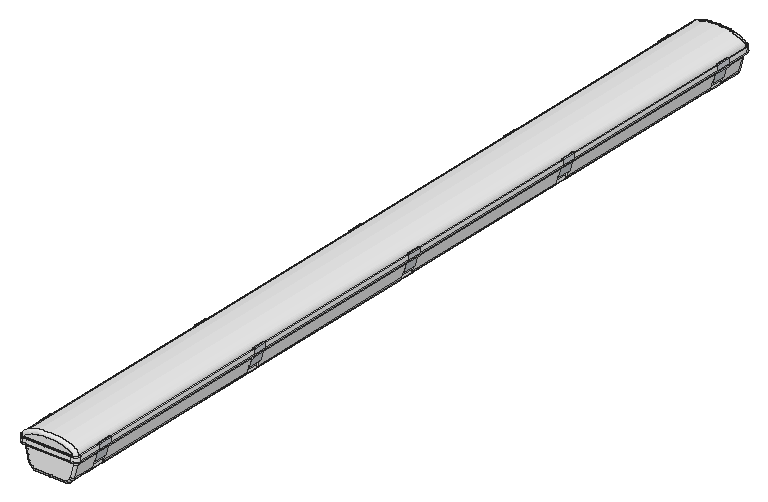
Revit family "0048801", category Lighting Fixtures, host Face, Revit 2017
Family settings
  Host = Face
  Round Connector Dimension = Use Diameter
  Part Type = Normal
  OmniClass Number = 23.80.70.11.14
  OmniClass Title = General Luminaries, Directional
  Cut with Voids When Loaded = No
  Light Source = Yes
  Shared = No
  Room Calculation Point = No
Parameters (values of type "0048801 HYDROPROOF LED G3 1500mm T 4K DALI SSH01")
  Width = 110 mm
  Weight = "2.6 kg"
  Wattage Comments = "n/a"
  Wattage = 49 W
  WarrantyStartDate [instance] = "n/a"
  WarrantyGuarantorParts = "n/a"
  WarrantyDurationUnit = "n/a"
  WarrantyDurationParts = "n/a"
  WarrantyDescription = "n/a"
  built-in parameter 1150110 = 1 (stored number, unit not read)
  Voltage = 230 V
  URL = "http://www.sylvania-lighting.com"
  TypeName = "HYDROPROOF LED G3 1500mm T 4K DALI SSH01"
  Type Image = <None>
  Type Comments = "n/a"
  built-in parameter 1114217 = 1 (stored number, unit not read)
  Tilt Angle = -90.00°
  built-in parameter 1150109 = 1 (stored number, unit not read)
  built-in parameter 1150134 = 12
  built-in parameter 1150113 = 1 (stored number, unit not read)
  SerialNumber [instance] = "n/a"
  ReflectorMaterial = none
  PowerFactor = 0
  PowerConsumption = "49 W"
  Photometric Web File = "0048801.ies"
  NominalWidth = 0 mm
  NominalLength = 1578 mm
  NominalHeight = 78 mm
  Name = "HYDROPROOF LED G3 1500mm T 4K DALI SSH01"
  ModelReference = "HYDROPROOF LED G3 1500mm T 4K DALI SSH01"
  ModelNumber = "0048801"
  Model = "HYDROPROOF LED G3 1500mm T 4K DALI SSH01"
  Material = "grp housing, pmma diffuser"
  ManufacturerName = "Feilo Sylvania"
  Manufacturer = "Feilo Sylvania"
  LuminousEfficacy = "141 lm/W"
  built-in parameter 1150105 = 549.8 (stored number, unit not read)
  Lumens = 6909 lm
  LuminaireType = ""
  built-in parameter 1150115 = 1 (stored number, unit not read)
  LightOutputRatio = "n/a"
  built-in parameter 1150137 = (empty or 0)
  built-in parameter 1150139 = (empty or 0)
  Length = 1572 mm
  LampsType = Lamp  # "LED"
  LampNominalLuminous = "6900 lm"
  LampMacAdamStep = "3"
  LampColourTemperature = "4000 K"
  LampColourRenderingIndex = "80"
  built-in parameter 1150112 = 1 (stored number, unit not read)
  built-in parameter 1150114 = 1 (stored number, unit not read)
  Lamp = "LED"
  Keynote = "16500"
  InstallationDate [instance] = "n/a"
  InputVoltage = "220-240V~"
  InputNominalFrequency = "DC/50/60 Hz"
  built-in parameter 1150132 = (empty or 0)
  built-in parameter 1150102 = (empty or 0)
  built-in parameter 1150107 = 4000 (stored number, unit not read)
  built-in parameter 1150138 = (empty or 0)
  IngressProtection = "IP65"
  ImpactProtectionIndex = "IK02"
  built-in parameter 1150106 = 5.498 (stored number, unit not read)
  IfcExportType = "IfcLightFixtureType"
  IfcExportAs = "IfcLightFixtureType"
  ExpectedLife = 50000
  Emit from Rectangle Width = Width - 20 mm  # 90 mm
  Emit from Rectangle Length = Length - 20 mm  # 1552 mm
  Emit Shape Visible in Rendering = no
  ElectricShockClassification = "Class I"
  built-in parameter 1150104 = 13.099 (stored number, unit not read)
  DurationUnit = "hours"
  DocumentationLiterature = "http://www.sylvania-lighting.com/product/en-int/products/0048797"
  DimmingControlOptions = "Dimmable"
  Dimming Lamp Color Temperature Shift = <None>
  DiffuserMaterial = Diffuser-Sylvania-Transparent
  Description = "Hydroproof, integrated LED chemical resistant weatherproof luminaire, with UV stabilized flat diffuser and linear prisms designed to achieve uniform lit appearance, optimise light output and to reduce glare, stainless steel diffuser clips and fixing brackets for surface and wall mounting. L 1578 mm x W 110 mm x H 78 mm size, GRP housing, PMMA diffuser, DALI dimmable, 4000K, CRI80,  6900 lm, 47 W, 147 lm/W, nominal average life (h):50000, energy class: A++ A+ A Class I,IK02, IP65."
  Default Elevation = 1219.2 mm
  CreatedOn = "3/27/2018"
  CreatedBy = "aron.fodor@feilosylvania.com"
  Cost = 0
  Color Filter = 16777215
  built-in parameter 1114216 [instance] = (empty or 0)
  ClassificationValue = "EF_70_80"
  ClassificationName = "Uniclass2015"
  BodyMaterial = Body-Sylvania-Gray
  BarCode [instance] = "n/a"
  built-in parameter 1114218 = 1 (stored number, unit not read)
  built-in parameter 1150133 = 10 (stored number, unit not read)
  AssetType = "Fixed"
  AssetIdentifier [instance] = "n/a"
  Assembly Code = "D5020200"
  Apparent Load = 49 VA
  AccessoryMaterial = Diffuser-Sylvania-Glow
Reference planes
  plane 1 "Center (Front/Back)": y = 0
  plane 2: z = 0
  plane 3 "Center (Left/Right)": x = 0
  plane 4: z = 54
  plane 5: x = -27.7
  plane 6: x = -34.8
  plane 7: x = -39.6
  plane 8: x = -42.2
  plane 9: z = 3
  plane 10: z = 7.8
  plane 11: z = 12.3
  plane 12: z = 36.6
  plane 13: z = 42.8
  plane 14: x = -51.1
  plane 15: z = 46.2
  plane 16: x = -55
  plane 17: y = 786
  plane 18: y = -786
  plane 19: x = 27.7
  plane 20: x = 34.8
  plane 21: x = 39.6
  plane 22: x = 42.2
  plane 23: x = 51.1
  plane 24: x = 55
  plane 25: y = 778.4
  plane 26: y = -778.4
  plane 27: y = -774.7
  plane 28: y = 774.7
  plane 29: z = 74
  plane 30: x = -51.5
  plane 31: x = 51.5
  plane 32: z = 55.2
  plane 33: y = -782.5
  plane 34: y = 782.5
  plane 35: x = -37.5
  plane 36: x = 37.5
  plane 37: x = -48.7
  plane 38: x = 48.7
  plane 39: x = 18
  plane 40: x = -18
  plane 41: z = 50.2
  plane 42: z = 24.6
  plane 43: y = 720
  plane 44: y = 706
  plane 45: y = 734
  plane 46: y = -720
  plane 47: y = 720
  plane 48: y = 706
  plane 49: y = 734
  plane 50: y = -720
  plane 51: y = -734
  plane 52: y = -706
  plane 53: y = 360
  plane 54: y = 346
  plane 55: y = 374
  plane 56: y = 0
  plane 57: y = -14
  plane 58: y = 14
  plane 59: y = -360
  plane 60: y = -374
  plane 61: y = -346
Forms (mm)
  Sweep 1, solid, material "Body-Sylvania-Gray" <- "BodyMaterial", detail levels medium+fine
    path origin (1223.4, -4572, 54) x (0, -1, 0) y (1, 0, 0)
      loop
        arc (-3796, -1278.4) -> (-3788.929, -1275.471) -> (-3786, -1268.4) r 10
        line (-3786, -1268.4) -> (-3786, -1178.4)
        arc (-3786, -1178.4) -> (-3788.929, -1171.329) -> (-3796, -1168.4) r 10
        line (-3796, -1168.4) -> (-5348, -1168.4)
        arc (-5348, -1168.4) -> (-5355.071, -1171.329) -> (-5358, -1178.4) r 10
        line (-5358, -1178.4) -> (-5358, -1268.4)
        arc (-5358, -1268.4) -> (-5355.071, -1275.471) -> (-5348, -1278.4) r 10
        line (-5348, -1278.4) -> (-3796, -1278.4)
    profile origin (-55, 0, 54) x (-1, 0, 0) y (0, 0, 1)
      loop
        line (0, 0) -> (-1, 0) -> (-1, -7.726)
        arc (-1, -7.726) -> (-1.994, -9.498) -> (-3.9, -10.2) r 2.937
        line (-3.9, -10.2) -> (-8.571, -10.2) -> (-8.571, -11.2) -> (-3.9, -11.2)
        arc (-3.9, -11.2) -> (-1.313, -10.231) -> (0, -7.8) r 3.937
        line (0, -7.8) -> (0, 0)
  Sweep 2, solid, material "Body-Sylvania-Gray" <- "BodyMaterial", detail levels medium+fine
    path origin (0, 0, 0) x (1, 0, 0) y (0, 0, 1)
      loop
        line (48.7, 42.8) -> (48.7, 36.6) -> (42.203, 12.31)
        arc (42.203, 12.31) -> (41.199, 9.884) -> (39.6, 7.8) r 10.052
        line (39.6, 7.8) -> (34.8, 3)
        arc (34.8, 3) -> (31.554, 0.781) -> (27.7, 0) r 9.902
        line (27.7, 0) -> (0, 0) -> (-27.7, 0)
        arc (-27.7, 0) -> (-31.554, 0.781) -> (-34.8, 3) r 9.902
        line (-34.8, 3) -> (-39.6, 7.8)
        arc (-39.6, 7.8) -> (-41.199, 9.884) -> (-42.203, 12.31) r 10.052
        line (-42.203, 12.31) -> (-48.7, 36.6) -> (-48.7, 42.8)
    profile origin (0, 0, 0) x (0, 0, -1) y (0, -1, 0)
      loop
        arc (0, 773.4) -> (-1.464, 776.936) -> (-5, 778.4) r 5
        line (-5, 778.4) -> (-7.8, 778.4) -> (-7.8, -778.4) -> (-5, -778.4)
        arc (-5, -778.4) -> (-1.464, -776.936) -> (0, -773.4) r 5
        line (0, -773.4) -> (0, 773.4)
  Extrusion 3, solid, material "Body-Sylvania-Gray" <- "BodyMaterial", detail levels medium+fine
    sketch origin (1524, 778.4, 1219.2) x (1, 0, 0) y (0, 0, 1)
      loop
        arc (-1558.668, -1204.874) -> (-1558.443, -1205.418) -> (-1558.085, -1205.885) r 2.252
        line (-1558.085, -1205.885) -> (-1553.231, -1210.738)
        arc (-1553.231, -1210.738) -> (-1552.534, -1211.227) -> (-1551.7, -1211.4) r 2.102
        line (-1551.7, -1211.4) -> (-1496.3, -1211.4)
        arc (-1496.3, -1211.4) -> (-1495.466, -1211.227) -> (-1494.769, -1210.738) r 2.102
        line (-1494.769, -1210.738) -> (-1489.915, -1205.885)
        arc (-1489.915, -1205.885) -> (-1489.557, -1205.418) -> (-1489.332, -1204.874) r 2.252
        line (-1489.332, -1204.874) -> (-1483.1, -1181.575) -> (-1483.1, -1176.4) -> (-1564.9, -1176.4) -> (-1564.9, -1181.575) -> (-1558.668, -1204.874)
    from 0 to 1556.8
  Sweep 4, solid, material "Diffuser-Sylvania-Transparent" <- "DiffuserMaterial", detail levels medium+fine
    path origin (0, 0, 0) x (1, 0, 0) y (0, 0, 1)
      loop
        spline (-51.5, 55.2) -> (-49.745, 60.066) -> (-44.6, 64.6) -> (-36.416, 68.494) -> (-25.75, 71.481) -> (-13.329, 73.359) -> (0, 74) -> (13.329, 73.359) -> (25.75, 71.481) -> (36.416, 68.494) -> (44.6, 64.6) -> (49.745, 60.066) -> (51.5, 55.2)
    profile origin (51.5, 0, 55.2) x (0, -1, 0) y (1, 0, 0)
      loop
        arc (782.5, -5.5) -> (780.889, -1.611) -> (777, 0) r 5.5
        line (777, 0) -> (-777, 0)
        arc (-777, 0) -> (-780.889, -1.611) -> (-782.5, -5.5) r 5.5
        line (-782.5, -5.5) -> (-782.5, -6.3) -> (-781.5, -6.3) -> (-781.5, -5.5)
        arc (-781.5, -5.5) -> (-780.182, -2.318) -> (-777, -1) r 4.5
        line (-777, -1) -> (777, -1)
        arc (777, -1) -> (780.182, -2.318) -> (781.5, -5.5) r 4.5
        line (781.5, -5.5) -> (781.5, -6.347) -> (782.5, -6.347) -> (782.5, -5.5)
  Extrusion 5, solid, material "Diffuser-Sylvania-Transparent" <- "DiffuserMaterial", detail levels medium+fine
    sketch origin (1524, -782.5, 1219.2) x (1, 0, 0) y (0, 0, 1)
      loop
        line (-1569.653, -1164) -> (-1478.347, -1164)
        spline (-1478.347, -1164) -> (-1478.969, -1162.594) -> (-1482.527, -1159.545) -> (-1489.588, -1156.201) -> (-1499.458, -1153.445) -> (-1511.242, -1151.663) -> (-1524, -1151.049) -> (-1536.758, -1151.663) -> (-1548.542, -1153.445) -> (-1558.412, -1156.201) -> (-1565.473, -1159.545) -> (-1569.031, -1162.594) -> (-1569.653, -1164)
    from 0 to -1
  Extrusion 6, solid, material "Diffuser-Sylvania-Transparent" <- "DiffuserMaterial", detail levels medium+fine
    sketch origin (1524, 782.5, 1219.2) x (1, 0, 0) y (0, 0, 1)
      loop
        spline (-1478.3, -1164) -> (-1478.931, -1162.565) -> (-1482.502, -1159.505) -> (-1489.572, -1156.155) -> (-1499.446, -1153.394) -> (-1511.236, -1151.614) -> (-1524, -1151.007) -> (-1536.764, -1151.614) -> (-1548.554, -1153.394) -> (-1558.428, -1156.155) -> (-1565.498, -1159.505) -> (-1569.069, -1162.565) -> (-1569.7, -1164)
        line (-1569.7, -1164) -> (-1478.3, -1164)
    from 0 to 1
  Extrusion 7, solid, material "Diffuser-Sylvania-Transparent" <- "DiffuserMaterial", detail levels medium+fine
    sketch origin (1223.4, -4572, 55.2) x (0, -1, 0) y (-1, 0, 0)
      loop
        arc (-5353.5, 1177.4) -> (-5352.182, 1174.218) -> (-5349, 1172.9) r 4.5
        line (-5349, 1172.9) -> (-3795, 1172.9)
        arc (-3795, 1172.9) -> (-3791.818, 1174.218) -> (-3790.5, 1177.4) r 4.5
        line (-3790.5, 1177.4) -> (-3790.5, 1269.4)
        arc (-3790.5, 1269.4) -> (-3791.818, 1272.582) -> (-3795, 1273.9) r 4.5
        line (-3795, 1273.9) -> (-5349, 1273.9)
        arc (-5349, 1273.9) -> (-5352.182, 1272.582) -> (-5353.5, 1269.4) r 4.5
        line (-5353.5, 1269.4) -> (-5353.5, 1177.4)
      loop
        line (-5358, 1268.4) -> (-5358, 1178.4)
        arc (-5358, 1178.4) -> (-5355.071, 1171.329) -> (-5348, 1168.4) r 10
        line (-5348, 1168.4) -> (-3796, 1168.4)
        arc (-3796, 1168.4) -> (-3788.929, 1171.329) -> (-3786, 1178.4) r 10
        line (-3786, 1178.4) -> (-3786, 1268.4)
        arc (-3786, 1268.4) -> (-3788.929, 1275.471) -> (-3796, 1278.4) r 10
        line (-3796, 1278.4) -> (-5348, 1278.4)
        arc (-5348, 1278.4) -> (-5355.071, 1275.471) -> (-5358, 1268.4) r 10
    from 0 to 1.2
  Extrusion 8, solid, material "Diffuser-Sylvania-Glow" <- "AccessoryMaterial", detail levels fine
    sketch origin (0, 0, 0) x (1, 0, 0) y (0, 0, 1)
      loop
        circle (-18, 50.2) r 8
      loop
        circle (18, 50.2) r 8
    from -774.7 to 774.7
  Extrusion 9, void
    sketch origin (0, 720, 2343.807) x (0, 0, -1) y (-1, 0, 0)
      loop
        line (2340.807, -37.5) -> (2331.507, -37.5) -> (2319.207, -42.2) -> (2319.207, -48.7) -> (2340.807, -48.7) -> (2340.807, -37.5)
      loop
        line (2340.807, 37.5) -> (2340.807, 48.7) -> (2319.207, 48.7) -> (2319.207, 42.2) -> (2331.507, 37.5) -> (2340.807, 37.5)
    from -14 to 14
  Extrusion 10, solid, material "Body-Sylvania-Gray" <- "BodyMaterial", detail levels coarse
    sketch origin (0, 0, 0) x (1, 0, 0) y (0, 0, 1)
      loop
        line (55, 42.8) -> (55, 55.2) -> (-55, 55.2) -> (-55, 42.791) -> (-42.2, 0) -> (42.2, 0) -> (55, 42.8)
    from -786 to 786
  Extrusion 11, solid, material "Diffuser-Sylvania-Transparent" <- "DiffuserMaterial", detail levels coarse
    sketch origin (0, 0, 0) x (1, 0, 0) y (0, 0, 1)
      loop
        arc (51.5, 55.2) -> (0, 74) -> (-51.5, 55.2) r 79.939
        line (-51.5, 55.2) -> (51.5, 55.2)
    from 778.4 to -778.4
  Extrusion 12, void, not visible
    sketch origin (0, 720, 2343.807) x (0, 0, -1) y (-1, 0, 0)
      loop
        line (2340.807, -37.5) -> (2331.507, -37.5) -> (2319.207, -42.2) -> (2319.207, -48.7) -> (2340.807, -48.7) -> (2340.807, -37.5)
      loop
        line (2340.807, 37.5) -> (2340.807, 48.7) -> (2319.207, 48.7) -> (2319.207, 42.2) -> (2331.507, 37.5) -> (2340.807, 37.5)
    from -14 to 14
  Extrusion 13, void
    sketch origin (0, -720, 2343.807) x (0, 0, -1) y (-1, 0, 0)
      loop
        line (2340.807, -37.5) -> (2331.507, -37.5) -> (2319.207, -42.2) -> (2319.207, -48.7) -> (2340.807, -48.7) -> (2340.807, -37.5)
      loop
        line (2340.807, 37.5) -> (2340.807, 48.7) -> (2319.207, 48.7) -> (2319.207, 42.2) -> (2331.507, 37.5) -> (2340.807, 37.5)
    from -14 to 14
  Extrusion 14, void
    sketch origin (0, 360, 2343.807) x (0, 0, -1) y (-1, 0, 0)
      loop
        line (2340.807, -37.5) -> (2331.507, -37.5) -> (2319.207, -42.2) -> (2319.207, -48.7) -> (2340.807, -48.7) -> (2340.807, -37.5)
      loop
        line (2340.807, 37.5) -> (2340.807, 48.7) -> (2319.207, 48.7) -> (2319.207, 42.2) -> (2331.507, 37.5) -> (2340.807, 37.5)
    from -14 to 14
  Extrusion 15, void
    sketch origin (0, 0, 2343.807) x (0, 0, -1) y (-1, 0, 0)
      loop
        line (2340.807, -37.5) -> (2331.507, -37.5) -> (2319.207, -42.2) -> (2319.207, -48.7) -> (2340.807, -48.7) -> (2340.807, -37.5)
      loop
        line (2340.807, 37.5) -> (2340.807, 48.7) -> (2319.207, 48.7) -> (2319.207, 42.2) -> (2331.507, 37.5) -> (2340.807, 37.5)
    from -14 to 14
  Extrusion 16, void
    sketch origin (0, -360, 2343.807) x (0, 0, -1) y (-1, 0, 0)
      loop
        line (2340.807, -37.5) -> (2331.507, -37.5) -> (2319.207, -42.2) -> (2319.207, -48.7) -> (2340.807, -48.7) -> (2340.807, -37.5)
      loop
        line (2340.807, 37.5) -> (2340.807, 48.7) -> (2319.207, 48.7) -> (2319.207, 42.2) -> (2331.507, 37.5) -> (2340.807, 37.5)
    from -14 to 14
Cuts and joins
  Extrusion 9, Extrusion 13, Extrusion 14, Extrusion 15, Extrusion 16 cuts Sweep 2
  Extrusion 13, Extrusion 14, Extrusion 15, Extrusion 16 cuts Extrusion 3
  joined: Sweep 2, Extrusion 3
  joined: Sweep 4, Extrusion 5, Extrusion 6
Dimensions and locks
  locked: plane 4 to plane 2 at 54
  plane 5 to plane 6 to plane 7 to plane 8 to plane 14 to plane 16 = 7.1 mm locked, 4.8 mm locked, 2.6 mm locked, 8.9 mm, 3.9 mm
  plane 4 to plane 15 to plane 13 to plane 12 to plane 11 to plane 10 to plane 9 = 7.8 mm locked, 3.4 mm, 6.2 mm locked, 24.3 mm locked, 4.5 mm locked, 4.8 mm locked
  equal spacing: plane 18, plane 1 "Center (Front/Back)", plane 17
  "Length": plane 18 to plane 17
  plane 19 to plane 20 to plane 21 to plane 22 to plane 23 to plane 24 = 7.1 mm locked, 4.8 mm locked, 2.6 mm locked, 8.9 mm, 3.9 mm
  equal spacing: plane 24, plane 3 "Center (Left/Right)", plane 16
  "Width": plane 24 to plane 16
  equal spacing: plane 27, plane 1 "Center (Front/Back)", plane 28
  locked: plane 26 to plane 27 at 3.7
  locked: Sweep 1 sketch curve to profile plane at 1
  locked: Sweep 1 sketch curve to plane 13 at 1
  locked: Sweep 1 sketch curve to plane 13 at 3.937  (x2)
  locked: Sweep 1 sketch curve to profile plane at 3.9  (x2)
  locked: plane 29 to plane 4 at 20
  equal spacing: plane 31, plane 3 "Center (Left/Right)", plane 30
  locked: plane 30 to plane 16 at 3.5
  locked: plane 32 to plane 4 at 1.2
  equal spacing: plane 33, plane 1 "Center (Front/Back)", plane 34
  equal spacing: plane 36, plane 3 "Center (Left/Right)", plane 35
  locked: plane 3 "Center (Left/Right)" to plane 35 at 37.5
  locked: plane 34 to plane 17 at 3.5
  equal spacing: plane 38, plane 3 "Center (Left/Right)", plane 37
  locked: plane 37 to plane 16 at 6.3
  equal spacing: plane 25, plane 1 "Center (Front/Back)", plane 26
  locked: plane 17 to plane 25 at 7.6
  locked: Sweep 2 sketch curve to plane 2 at 5  (x2)
  locked: Sweep 2 sketch curve to plane 26 at 5
  locked: plane 25 to Sweep 2 sketch curve at 5
  locked: Sweep 4 sketch curve to plane 31 at 5.5  (x2)
  locked: Sweep 4 sketch curve to plane 34 at 5.5
  plane 33 to Sweep 4 sketch curve = 5.5 mm
  locked: plane 34 to Sweep 4 sketch curve at 1
  locked: Sweep 4 sketch curve to plane 31 at 1
  locked: Sweep 4 sketch curve to Sweep 4 sketch curve at 1
  locked: Sweep 4 sketch curve to plane 31 at 6.347
  locked: Sweep 4 sketch curve to plane 31 at 6.3
  equal spacing: plane 39, plane 3 "Center (Left/Right)", plane 40
  locked: plane 3 "Center (Left/Right)" to plane 40 at 18
  locked: plane 42 to plane 2 at 24.6
  plane 45 to plane 43 to plane 44 = 14 mm locked, 14 mm locked
  locked: plane 17 to plane 43 at 66
  equal spacing: plane 43, plane 1 "Center (Front/Back)", plane 46
  plane 49 to plane 47 to plane 48 = 14 mm locked, 14 mm locked
  plane 52 to plane 50 to plane 51 = 14 mm locked, 14 mm locked  (x2)
  equal spacing: group 1, group 6, group 7, group 8, group 5  (x2)
  equal spacing: group 5, group 8, group 7, group 6, group 1
  plane 55 to plane 53 to plane 54 = 14 mm locked, 14 mm locked  (x2)
  plane 58 to plane 56 to plane 57 = 14 mm locked, 14 mm locked  (x2)
  plane 61 to plane 59 to plane 60 = 14 mm locked, 14 mm locked  (x2)
  plane 43 to plane 53 to plane 1 "Center (Front/Back)" to plane 59 to plane 50 = 360 mm locked, 360 mm locked, 360 mm locked, 360 mm locked
  aligned and locked: plane 2 to host face
  aligned and locked: level to host face
  aligned and locked: plane 16 to Sweep 1 sketch curve
  aligned and locked: Sweep 1 sketch curve to plane 24
  aligned and locked: plane 18 to Sweep 1 sketch curve
  aligned and locked: Sweep 1 sketch curve to plane 13
  aligned and locked: profile plane to Sweep 1 sketch curve
  aligned and locked: plane 3 "Center (Left/Right)" to Sweep 2 sketch curve
  aligned and locked: plane 9 to Sweep 2 sketch curve
  aligned and locked: plane 10 to Sweep 2 sketch curve
  aligned and locked: plane 37 to Sweep 2 sketch curve
  aligned and locked: plane 12 to Sweep 2 sketch curve
  aligned and locked: Sweep 2 sketch curve to level
  aligned and locked: plane 21 to Sweep 2 sketch curve
  aligned and locked: plane 38 to Sweep 2 sketch curve
  aligned and locked: profile plane to Sweep 2 sketch curve
  aligned and locked: plane 25 to Sweep 2 sketch curve
  aligned and locked: Sweep 2 sketch curve to plane 10
  aligned and locked: Extrusion 3 sketch curve to Sweep 2  (x7)
  aligned and locked: Sweep 2 to Extrusion 3 sketch curve
  aligned and locked: Extrusion 3 to plane 25
  aligned and locked: plane 26 to Extrusion 3
  aligned and locked: plane 32 to Sweep 4 sketch curve
  aligned and locked: plane 33 to Sweep 4 sketch curve
  aligned and locked: Sweep 4 to Extrusion 5
  aligned and locked: plane 33 to Extrusion 5
  aligned and locked: Extrusion 5 sketch curve to Sweep 4
  aligned and locked: cut or joined group of Sweep 4, Extrusion 5, Extrusion 6 to Extrusion 6 sketch curve
  aligned and locked: Extrusion 7 sketch curve to cut or joined group of Sweep 4, Extrusion 5, Extrusion 6  (x2)
  aligned and locked: cut or joined group of Sweep 4, Extrusion 5, Extrusion 6 to Extrusion 7 sketch curve  (x2)
  aligned and locked: plane 41 to Extrusion 8 sketch curve  (x2)
  aligned and locked: plane 39 to Extrusion 8 sketch curve
  aligned and locked: plane 27 to Extrusion 8
  aligned and locked: Extrusion 8 to plane 28
  aligned and locked: Extrusion 9 to plane 42
  aligned and locked: plane 9 to Extrusion 9
  aligned and locked: plane 44 to Extrusion 9
  aligned and locked: Extrusion 9 to plane 45
  aligned and locked: Extrusion 7 sketch curve to Sweep 1  (x4)
  aligned and locked: plane 4 to Extrusion 7
  aligned and locked: Extrusion 7 to plane 32
  aligned and locked: nested 2 to plane 43
  aligned and locked: plane 43 to nested 1
  aligned and locked: Extrusion 10 sketch curve to plane 24
  aligned and locked: Extrusion 10 sketch curve to Extrusion 7
  aligned and locked: plane 8 to Extrusion 10 sketch curve
  aligned and locked: plane 22 to Extrusion 10 sketch curve
  aligned and locked: level to Extrusion 10 sketch curve
  aligned and locked: Extrusion 10 to plane 17
  aligned and locked: plane 18 to Extrusion 10
  aligned and locked: cut or joined group of Sweep 4, Extrusion 5, Extrusion 6 to Extrusion 11 sketch curve
  aligned and locked: Extrusion 11 sketch curve to cut or joined group of Sweep 4, Extrusion 5, Extrusion 6  (x2)
  aligned and locked: plane 31 to Extrusion 11 sketch curve
  aligned and locked: plane 30 to Extrusion 11 sketch curve
  aligned and locked: plane 26 to Extrusion 11
  aligned and locked: Extrusion 11 to plane 25
  aligned and locked: imposter light to plane 29
  aligned and locked: plane 3 "Center (Left/Right)" to imposter light
  aligned and locked: plane 1 "Center (Front/Back)" to imposter light
  aligned and locked: plane 51 to Extrusion 13
  aligned and locked: Extrusion 13 to plane 52
  aligned and locked: plane 54 to Extrusion 14
  aligned and locked: Extrusion 14 to plane 55
  aligned and locked: plane 57 to Extrusion 15
  aligned and locked: Extrusion 15 to plane 58
  aligned and locked: plane 60 to Extrusion 16
  aligned and locked: Extrusion 16 to plane 61
  aligned and locked: nested 3 to plane 53
  aligned and locked: plane 53 to nested 10
  aligned and locked: nested 4 to plane 56
  aligned and locked: plane 56 to nested 9
  aligned and locked: nested 5 to plane 59
  aligned and locked: plane 59 to nested 8
  aligned and locked: nested 6 to plane 50
  aligned and locked: plane 50 to nested 7
Automatic sketch dimensions
  host sketch curve to host sketch curve = 2438.4 mm  (x2)
  plane 17 to Sweep 1 sketch curve = 0 mm
  Sweep 1 sketch curve to plane 28 = 1.3 mm
  Sweep 1 sketch curve to plane 7 = 5.4 mm
  plane 27 to Sweep 1 sketch curve = 1.3 mm  (x2)
  Sweep 1 sketch curve to Sweep 1 sketch curve = 4.671 mm
  Sweep 1 sketch curve to plane 4 = 0 mm
  Sweep 2 sketch curve to plane 7 = 0 mm
  Sweep 2 sketch curve to plane 6 = 0 mm
  Sweep 2 sketch curve to plane 5 = 0 mm
  plane 19 to Sweep 2 sketch curve = 0 mm
  Sweep 2 sketch curve to plane 9 = 0 mm
  plane 20 to Sweep 2 sketch curve = 0 mm
  Sweep 2 sketch curve to plane 12 = 0 mm
  Sweep 2 sketch curve to plane 10 = 0 mm
  Sweep 2 sketch curve to plane 13 = 0 mm  (x2)
  Sweep 2 sketch curve to plane 8 = 0.003 mm
  plane 6 to Sweep 2 sketch curve = 2.308 mm
  plane 20 to Sweep 2 sketch curve = 2.308 mm
  Sweep 2 sketch curve to plane 22 = 0.003 mm
  Sweep 2 sketch curve to plane 11 = 0.01 mm  (x2)
  Extrusion 3 sketch curve to plane 5 = 0 mm
  plane 19 to Extrusion 3 sketch curve = 0 mm
  plane 6 to Extrusion 3 sketch curve = 0.132 mm
  plane 6 to Extrusion 3 sketch curve = 0.715 mm
  Extrusion 3 sketch curve to Extrusion 3 sketch curve = 1.592 mm
  Extrusion 3 sketch curve to plane 10 = 0.662 mm  (x2)
  plane 20 to Extrusion 3 sketch curve = 2.308 mm
  plane 20 to Extrusion 3 sketch curve = 0.715 mm
  plane 20 to Extrusion 3 sketch curve = 0.132 mm
  Sweep 4 sketch curve to plane 30 = 0 mm
  Sweep 4 sketch curve to plane 3 "Center (Left/Right)" = 0 mm
  Sweep 4 sketch curve to Sweep 4 sketch curve = 0 mm  (x2)
  plane 37 to Extrusion 5 sketch curve = 3.047 mm
  Extrusion 5 sketch curve to plane 38 = 3.047 mm
  plane 37 to Extrusion 6 sketch curve = 3 mm
  Extrusion 6 sketch curve to plane 38 = 3 mm
  plane 25 to Extrusion 7 sketch curve = 1.4 mm  (x2)
  Extrusion 7 sketch curve to plane 26 = 1.4 mm  (x2)
  Extrusion 8 sketch curve to plane 40 = 0 mm
  Extrusion 9 sketch curve to Extrusion 9 sketch curve = 0 mm
  Extrusion 9 sketch curve to Extrusion 9 sketch curve = 12.3 mm  (x2)
  Extrusion 9 sketch curve to Extrusion 9 sketch curve = 9.3 mm  (x2)
  Extrusion 9 sketch curve to Extrusion 9 sketch curve = 6.5 mm
  Extrusion 9 sketch curve to Extrusion 9 sketch curve = 4.7 mm  (x2)
  Extrusion 9 sketch curve to Extrusion 9 sketch curve = 75 mm
  Extrusion 9 sketch curve to Extrusion 9 sketch curve = 11.2 mm
  Extrusion 10 sketch curve to plane 13 = 0 mm
  plane 13 to Extrusion 10 sketch curve = 0.009 mm
  Extrusion 11 sketch curve to level = 5.939 mm
  Extrusion 10 sketch curve to plane 16 = 0 mm
  Extrusion 12 sketch curve to Extrusion 12 sketch curve = 0 mm
  Extrusion 12 sketch curve to Extrusion 12 sketch curve = 12.3 mm  (x2)
  Extrusion 12 sketch curve to Extrusion 12 sketch curve = 9.3 mm  (x2)
  Extrusion 12 sketch curve to Extrusion 12 sketch curve = 6.5 mm
  Extrusion 12 sketch curve to Extrusion 12 sketch curve = 4.7 mm  (x2)
  Extrusion 12 sketch curve to Extrusion 12 sketch curve = 75 mm
  Extrusion 12 sketch curve to Extrusion 12 sketch curve = 11.2 mm
  Extrusion 13 sketch curve to Extrusion 13 sketch curve = 0 mm
  Extrusion 13 sketch curve to Extrusion 13 sketch curve = 12.3 mm  (x2)
  Extrusion 13 sketch curve to Extrusion 13 sketch curve = 9.3 mm  (x2)
  Extrusion 13 sketch curve to Extrusion 13 sketch curve = 6.5 mm
  Extrusion 13 sketch curve to Extrusion 13 sketch curve = 4.7 mm  (x2)
  Extrusion 13 sketch curve to Extrusion 13 sketch curve = 75 mm
  Extrusion 13 sketch curve to Extrusion 13 sketch curve = 11.2 mm
  Extrusion 14 sketch curve to Extrusion 14 sketch curve = 0 mm
  Extrusion 14 sketch curve to Extrusion 14 sketch curve = 12.3 mm  (x2)
  Extrusion 14 sketch curve to Extrusion 14 sketch curve = 9.3 mm  (x2)
  Extrusion 14 sketch curve to Extrusion 14 sketch curve = 6.5 mm
  Extrusion 14 sketch curve to Extrusion 14 sketch curve = 4.7 mm  (x2)
  Extrusion 14 sketch curve to Extrusion 14 sketch curve = 75 mm
  Extrusion 14 sketch curve to Extrusion 14 sketch curve = 11.2 mm
  Extrusion 15 sketch curve to Extrusion 15 sketch curve = 0 mm
  Extrusion 15 sketch curve to Extrusion 15 sketch curve = 12.3 mm  (x2)
  Extrusion 15 sketch curve to Extrusion 15 sketch curve = 9.3 mm  (x2)
  Extrusion 15 sketch curve to Extrusion 15 sketch curve = 6.5 mm
  Extrusion 15 sketch curve to Extrusion 15 sketch curve = 4.7 mm  (x2)
  Extrusion 15 sketch curve to Extrusion 15 sketch curve = 75 mm
  Extrusion 15 sketch curve to Extrusion 15 sketch curve = 11.2 mm
  Extrusion 16 sketch curve to Extrusion 16 sketch curve = 0 mm
  Extrusion 16 sketch curve to Extrusion 16 sketch curve = 12.3 mm  (x2)
  Extrusion 16 sketch curve to Extrusion 16 sketch curve = 9.3 mm  (x2)
  Extrusion 16 sketch curve to Extrusion 16 sketch curve = 6.5 mm
  Extrusion 16 sketch curve to Extrusion 16 sketch curve = 4.7 mm  (x2)
  Extrusion 16 sketch curve to Extrusion 16 sketch curve = 75 mm
  Extrusion 16 sketch curve to Extrusion 16 sketch curve = 11.2 mm
  radius of Extrusion 8 sketch curve = 8 mm  (x2)
Nested families
  nested 1: "Clip" at (42.2, 720, 24.6), type "Clip", detail levels fine
  nested 2: "Clip" at (-42.2, 720, 24.6) x (-1, 0, 0) z (0, 0, 1), type "Clip", detail levels fine
  nested 3: "Clip" at (-42.2, 360, 24.6) x (-1, 0, 0) z (0, 0, 1), type "Clip", detail levels fine
  nested 4: "Clip" at (-42.2, 0, 24.6) x (-1, 0, 0) z (0, 0, 1), type "Clip", detail levels fine
  nested 5: "Clip" at (-42.2, -360, 24.6) x (-1, 0, 0) z (0, 0, 1), type "Clip", detail levels fine
  nested 6: "Clip" at (-42.2, -720, 24.6) x (-1, 0, 0) z (0, 0, 1), type "Clip", detail levels fine
  nested 7: "Clip" at (42.2, -720, 24.6), type "Clip", detail levels fine
  nested 8: "Clip" at (42.2, -360, 24.6), type "Clip", detail levels fine
  nested 9: "Clip" at (42.2, 0, 24.6), type "Clip", detail levels fine
  nested 10: "Clip" at (42.2, 360, 24.6), type "Clip", detail levels fine
Connectors
  electrical at (0, 0, 0), driven by "Apparent Load"
    settings: index 1, voltage 230 V, apparent load 49 VA, apparent load phase1 0 VA, apparent load phase2 0 VA, apparent load phase3 0 VA, power factor 0, load classification "Lighting", number of poles 1, system type 30, power factor state 1, is connector primary yes, connector utility no, sub classification motor no, connector description ""
Definition of nested family "Clip"
  Parameters (values of type "Clip")
    URL = "http://www.feilosylvania.com"
    Type Comments = "n/a"
    Model = "n/a"
    Manufacturer = "Feilo Sylvania"
    Keynote = "n/a"
    Description = "n/a"
    Default Elevation = 1219.2 mm
    Cost = 0
    BodyMaterial = none
    Assembly Code = "n/a"
  Reference planes
    plane 1 "Center (Front/Back)": y = 0
    plane 2: z = 0
    plane 3 "Center (Left/Right)": x = 0
    plane 4: x = 3.3
    plane 5: x = 6.5
    plane 6: x = 8.9
    plane 7: x = 12.8
    plane 8: z = 12
    plane 9: z = 18.2
    plane 10: z = 21.6
    plane 11: z = 30.6
    plane 12: x = 9.3
    plane 13: z = 19.2
    plane 14: z = 16.2
    plane 15: x = 10.1
    plane 16: y = 12
    plane 17: y = -12
  Forms (mm)
    Extrusion 1, solid
      sketch origin (-0.8, 0, 0) x (1, 0, 0) y (0, 1, 0)
        loop
          line (-1219.2, 1219.2) -> (-1219.2, -1219.2) -> (1219.2, -1219.2) -> (1219.2, 1219.2) -> (-1219.2, 1219.2)
      from 0 to -304.8
    Extrusion 2, solid
      sketch origin (0, 0, 0) x (1, 0, 0) y (0, 0, 1)
        loop
          line (8.9, 16.2) -> (4.58, 0) -> (0, 0) -> (0, -0.8) -> (5.195, -0.8) -> (9.603, 15.731) -> (13.6, 18.806) -> (13.6, 30.6)
          arc (13.6, 30.6) -> (11.45, 32.75) -> (9.3, 30.6) r 2.15
          line (9.3, 30.6) -> (10.1, 30.6)
          arc (10.1, 30.6) -> (11.45, 31.95) -> (12.8, 30.6) r 1.35
          line (12.8, 30.6) -> (12.8, 19.2) -> (8.9, 16.2)
      from -12 to 12
  Lines and regions (mm)
    reference lines
      curve 1: line (3.3, 0, 0) -> (6.5, 0, 12)
      curve 2: arc (8.9, 0, 18.2) -> (11.488, 0, 19.169) -> (12.8, 0, 21.6) r 3.934
  Dimensions and locks
    plane 7 to plane 6 to plane 5 to plane 4 to plane 3 "Center (Left/Right)" = 3.9 mm locked, 2.4 mm locked, 3.2 mm locked, 3.3 mm locked
    plane 11 to plane 10 to plane 9 to plane 8 to plane 2 = 9 mm locked, 3.4 mm locked, 6.2 mm locked, 12 mm locked
    locked: plane 7 to plane 12 at 3.5
    locked: plane 13 to plane 9 at 1
    locked: plane 9 to plane 14 at 2
    locked: plane 15 to plane 12 at 0.8
    locked: plane 2 to Extrusion 2 sketch curve at 0.8
    locked: Extrusion 2 sketch curve to Extrusion 2 sketch curve at 0.8  (x3)
    locked: plane 7 to Extrusion 2 sketch curve at 1.35
    equal spacing: plane 17, plane 1 "Center (Front/Back)", plane 16
    locked: plane 1 "Center (Front/Back)" to plane 16 at 12
    aligned and locked: plane 2 to Extrusion 1
    aligned and locked: level to Extrusion 1
    aligned and locked: plane 4 to curve 1
    aligned and locked: plane 5 to curve 1
    aligned and locked: plane 6 to curve 2
    aligned and locked: plane 10 to curve 2
    aligned and locked: plane 14 to Extrusion 2 sketch curve
    aligned and locked: plane 13 to Extrusion 2 sketch curve
    aligned and locked: plane 7 to Extrusion 2 sketch curve
    aligned and locked: plane 3 "Center (Left/Right)" to Extrusion 2 sketch curve
    aligned and locked: Extrusion 2 sketch curve to level
    aligned and locked: Extrusion 2 sketch curve to plane 11
    aligned and locked: plane 11 to Extrusion 2 sketch curve
    aligned and locked: Extrusion 2 to plane 16
    aligned and locked: plane 17 to Extrusion 2
  Automatic sketch dimensions
    Extrusion 1 sketch curve to Extrusion 1 sketch curve = 2438.4 mm  (x2)
    curve 2 to plane 7 = 0 mm
    curve 1 to level = 0 mm
    curve 1 to plane 8 = 0 mm
    curve 2 to plane 9 = 0 mm
    plane 6 to curve 2 = 0.002 mm
    Extrusion 2 sketch curve to Extrusion 2 sketch curve = 0 mm
    Extrusion 2 sketch curve to plane 6 = 0 mm
    plane 4 to Extrusion 2 sketch curve = 1.28 mm
